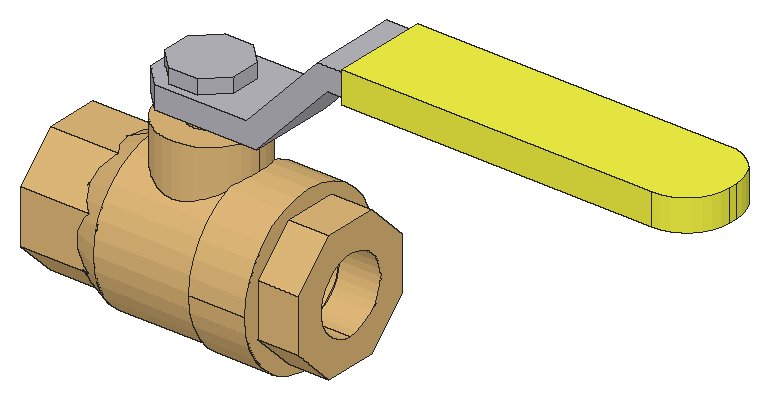
Revit family "420-Ball-Valve", category Pipe Accessories, Revit 2018
Family settings
  Round Connector Dimension = Use Diameter
  Part Type = Valve - Breaks Into
  OmniClass Number = 23.60.30.11.14
  OmniClass Title = Pipework Fittings
  Work Plane-Based = No
  Always vertical = Yes
  Cut with Voids When Loaded = No
  Shared = No
Parameters
  Weight [instance] = size_lookup(LookupTable, "Weight", "NA", Nominal Diameter)  # "0.3 lbs."
  URL = "http://www.fnw.com"
  Standards Lookup Table = "Standards"  # constant formula
  Product ID [instance] = size_lookup(LookupTable, "ProductID", "NA", Nominal Diameter)  # "989144"
  Pipe Diameter [instance] = size_lookup(Standards Lookup Table, "pipe_dia", 0", Nominal Diameter)  # 0.54"
  Part Number [instance] = size_lookup(LookupTable, "PartNumber", "NA", Nominal Diameter)  # "FNW420B"
  PIpe Radius [instance] = Pipe Diameter / 2  # 0.27"
  NPT Insert [instance] = size_lookup(Standards Lookup Table, "NPT_insert", 0", Nominal Diameter)  # 0.4018"
  Manufacturer = "FNW"  # constant formula
  Description BOM [instance] = size_lookup(LookupTable, "Description_BOM", "NA", Nominal Diameter)  # "Not For Potable Use 1/4 Brass 600# WOG Threaded 2PC"
  1_Z2 [instance] = size_lookup(LookupTable, "1_Z2", 0", Nominal Diameter)  # 0.1644"
  1_Z1 [instance] = size_lookup(LookupTable, "1_Z1", 0", Nominal Diameter)  # 0.5606"
  Z3 [instance] = size_lookup(LookupTable, "Z3", 0", Nominal Diameter)  # 13/128"
  Z2 [instance] = size_lookup(LookupTable, "Z2", 0", Nominal Diameter)  # 0.925"
  Z1 [instance] = size_lookup(LookupTable, "Z1", 0", Nominal Diameter)  # 0.8"
  1_Y1 [instance] = size_lookup(LookupTable, "1_Y1", 0", Nominal Diameter)  # 5/8"
  1_X4 [instance] = size_lookup(LookupTable, "1_X4", 0", Nominal Diameter)  # 5/16"
  1_X1 [instance] = size_lookup(LookupTable, "1_X1", 0", Nominal Diameter)  # 57/64"
  1_X3 [instance] = size_lookup(LookupTable, "1_X3", 0", Nominal Diameter)  # 3.78"
  X7 [instance] = size_lookup(LookupTable, "X7", 0", Nominal Diameter)  # 1.01"
  X5 [instance] = size_lookup(LookupTable, "X5", 0", Nominal Diameter)  # 0.30135"
  X4 [instance] = size_lookup(LookupTable, "X4", 0", Nominal Diameter)  # 0.404"
  X3 [instance] = size_lookup(LookupTable, "X3", 0", Nominal Diameter)  # 0.71085"
  X2 [instance] = size_lookup(LookupTable, "X2", 0", Nominal Diameter)  # 0.202"
  1_X2 [instance] = size_lookup(LookupTable, "1_X2", 0", Nominal Diameter)  # 57/128"
  X1 [instance] = size_lookup(LookupTable, "X1", 0", Nominal Diameter)  # 0.4018"
  Show Lever Clearance [instance] = no
  R3 [instance] = size_lookup(LookupTable, "R3", 0", Nominal Diameter)  # 0.58125"
  R2 [instance] = size_lookup(LookupTable, "R2", 0", Nominal Diameter)  # 0.558"
  R1_Diam [instance] = R1 * 2  # 0.93"
  R1 [instance] = size_lookup(LookupTable, "R1", 0", Nominal Diameter)  # 0.465"
  Nominal Radius [instance] = Nominal Diameter / 2  # 1/8"
  Nominal Diameter [instance] = 1/4"
  LookupTable = "420-Ball-Valve"  # constant formula
  HexAngle1 [instance] = 135.00°
  D3 [instance] = size_lookup(LookupTable, "D3", 0", Nominal Diameter)  # 1/2"
  D2 [instance] = size_lookup(LookupTable, "D2", 0", Nominal Diameter)  # 5/16"
  D1 [instance] = size_lookup(LookupTable, "D1", 0", Nominal Diameter)  # 0.7125"
Reference planes (in)
  plane 1 "Center (Front/Back)": y = 0
  plane 2: z = 0
  plane 3 "Center (Left/Right)": x = 0
  plane 4 "X7 End": x = -1.01
  plane 5 "D1 Top": z = 0.8
  plane 6 "D2 Top": z = 0.925
  plane 7: x = -0.6082
  plane 8: x = -0.4062
  plane 9: x = 0.30465
  plane 10 "Face EXT": x = 0.70865
  plane 11: x = 1.01
  plane 12 "R3 Top": z = 0.58125
  plane 13 "R2 Top": z = 0.558
  plane 14 "R1 Top": z = 0.465
  plane 15: x = 1.14
  plane 16 "Pipe radius": z = 0.27
  plane 17 "NPT": x = -0.6082
  plane 18 "NPT 2": x = 0.6082
Forms (in)
  Extrusion 1, solid, material "Brass"
    sketch origin (0, 0, 0) x (1, 0, 0) y (0, 1, 0)
      loop
        circle (0, 0) r 0.15625
    from 0.8 to 0.925
  Revolve 2, solid, material "Brass"
    sketch origin (0, 0, 0) x (1, 0, 0) y (0, 0, 1)
      loop
        line (-0.6082, 0.465) -> (-0.6082, 0.27) -> (0.30465, 0.27) -> (0.30465, 0.558) -> (-0.4062, 0.558) -> (-0.6082, 0.465)
      axis (0.30465, 0) -> (-0.6082, 0)
    angle from 0 to 360
  Sweep 3, solid, material "Brass"
    path origin (0, 0, 0) x (1, 0, 0) y (0, 0, 1)
      loop
        line (-1.01, 0) -> (1.01, 0)
    profile origin (0, 0, 0) x (0, 0, 1) y (0, -1, 0)
      loop
        circle (0, 0) r 0.27
      loop
        line (0.19261, 0.465) -> (-0.19261, 0.465) -> (-0.465, 0.19261) -> (-0.465, -0.19261) -> (-0.19261, -0.465) -> (0.19261, -0.465) -> (0.465, -0.19261) -> (0.465, 0.19261) -> (0.19261, 0.465)
  Extrusion 4, solid, material "Brass"
    sketch origin (0, 0, 0) x (0, 1, 0) y (0, 0, 1)
      loop
        circle (0, 0) r 0.58125
      loop
        circle (0, 0) r 0.27
    from 0.30465 to 0.70865
  Extrusion 5, solid, material "Brass"
    sketch origin (0, 0, 0.27) x (-1, 0, 0) y (0, -1, 0)
      loop
        circle (0, 0) r 0.35625
    from 0 to 0.53
  Extrusion 6, solid, material "Brass", not visible
    sketch origin (-0.6082, 0, 0) x (0, 0, 1) y (0, -1, 0)
      loop
        circle (0, 0) r 0.125
    from 0 to 1.2164
Dimensions and locks (in)
  "X7": plane 4 "X7 End" to plane 3 "Center (Left/Right)"
  "Z1": plane 5 "D1 Top" to plane 2
  "Z2": plane 6 "D2 Top" to plane 2
  "X1": plane 4 "X7 End" to plane 7
  "X2": plane 8 to plane 7
  "X3": plane 9 to plane 8
  "X4": plane 10 "Face EXT" to plane 9
  "X5": plane 11 to plane 10 "Face EXT"
  "R3": plane 12 "R3 Top" to plane 2
  "R2": plane 13 "R2 Top" to plane 2
  "R1": plane 14 "R1 Top" to plane 2
  "PIpe Radius": Revolve 2 sketch curve to plane 2
  equal spacing: Sweep 3 sketch curve, plane 1 "Center (Front/Back)", Sweep 3 sketch curve  (x4)
  "R1_Diam": Sweep 3 sketch curve to Sweep 3 sketch curve  (x4)
  Sweep 3 to Sweep 3 = 0.93"  (x5)
  "R1_Diam": Sweep 3 to Sweep 3  (x4)
  "PIpe Radius": plane 16 "Pipe radius" to plane 2
  "NPT Insert": plane 4 "X7 End" to plane 17 "NPT"
  "NPT Insert": plane 11 to plane 18 "NPT 2"
  "D2": diameter of Extrusion 1 sketch curve
  "R3": radius of Extrusion 4 sketch curve
  "PIpe Radius": radius of Extrusion 4 sketch curve
  "PIpe Radius": radius of Sweep 3 sketch curve
  radius of Sweep 3 sketch curve = 0.27"
  "D1": diameter of Extrusion 5 sketch curve
  "Nominal Radius": radius of Extrusion 6 sketch curve
  angle Sweep 3 sketch curve to Sweep 3 sketch curve = 135.00°  (x6)
  angle Sweep 3 to Sweep 3 = 135.00°  (x6)
  aligned and locked: plane 2 to level
  aligned and locked: Extrusion 1 to plane 5 "D1 Top"
  aligned and locked: plane 6 "D2 Top" to Extrusion 1
  aligned and locked: Revolve 2 sketch curve to plane 13 "R2 Top"
  aligned and locked: plane 7 to Revolve 2 sketch curve
  aligned and locked: Extrusion 4 to plane 9
  aligned and locked: plane 10 "Face EXT" to Extrusion 4
  aligned and locked: Sweep 3 sketch curve to level
  aligned and locked: plane 5 "D1 Top" to Extrusion 5
  aligned and locked: plane 18 "NPT 2" to Extrusion 6
Automatic sketch dimensions
  plane 4 "X7 End" to Sweep 3 sketch curve = 0"
  Sweep 3 sketch curve to plane 11 = 0"
  plane 1 "Center (Front/Back)" to Extrusion 1 sketch curve = 0"
  Extrusion 1 sketch curve to plane 3 "Center (Left/Right)" = 0"
  Revolve 2 sketch curve to level = 0"
  Revolve 2 sketch curve to plane 8 = 0"
  Revolve 2 sketch curve to plane 9 = 0"
  Revolve 2 sketch curve to plane 14 "R1 Top" = 0"
  plane 4 "X7 End" to Revolve 2 sketch curve = 1.81248"
  plane 15 to Revolve 2 sketch curve = 4.59422"
  Sweep 3 sketch curve to plane 1 "Center (Front/Back)" = 0"
  profile plane to Sweep 3 sketch curve = 0"
  Extrusion 4 sketch curve to Extrusion 4 sketch curve = 0"  (x2)
  Extrusion 4 sketch curve to level = 0"
  Extrusion 4 sketch curve to plane 1 "Center (Front/Back)" = 0"
  plane 1 "Center (Front/Back)" to Extrusion 5 sketch curve = 0"
  Extrusion 5 sketch curve to plane 3 "Center (Left/Right)" = 0"
  Extrusion 6 sketch curve to level = 0"
  Extrusion 6 sketch curve to plane 1 "Center (Front/Back)" = 0"
Nested families (in)
  nested 1: "Nested Lever Yellow" at (0, 0, 0.925), D3 <- "D3", 1_X1 <- "1_X1", 1_X2 <- "1_X2", 1_X3 <- "1_X3", 1_X4 <- "1_X4", 1_Y1 <- "1_Y1", 1_Z1 <- "1_Z1", 1_Z2 <- "1_Z2", Show Lever Clearance <- "Show Lever Clearance", Z3 <- "Z3", type "Nested Lever Yellow"
    with Z3 13/128", Void_Outer_Radius 3/8", Void_Outer 3/4", Show Lever Clearance no, Grip_L3 0.2269", Grip_L2 0.19565", Grip_L1 1/32", D3_Half 0.16667", D3 1/2", Clearance Hieght 6", Angle Hex Head 135.00°, 1_Z2 0.1644", 1_Z1 0.5606", 1_Y1_Half 5/16", 1_Y1 5/8", 1_X4 5/16", 1_X3_and_1__Y1_Half 4.0925", 1_X3 3.78", 1_X2 57/128", 1_X1 57/64"
Connectors (in)
  piping at (-0.6082, 0, 0), diameter 0.25, driven by "Nominal Diameter"
    settings: on Extrusion 6, index 1, connector inside diameter 24", connector length 0", flow factor 0, pipe flow 0 GPM, pressure drop 0.00 psi, fitting loss kfactor 0, connector angle 0.00°, fixture units 0, engagement length 0", angle of deflection 0.00°, flow configuration 0, flow direction 0, fitting loss method 0, system type 7, joint type 0, gender type 0, connector reference index 2, connector utility 0, adjustable connector no, is connector primary yes, connector description ""
  piping at (0.6082, 0, 0), diameter 0.25, driven by "Nominal Diameter"
    settings: on Extrusion 6, index 2, connector inside diameter 24", connector length 0", flow factor 0, pipe flow 0 GPM, pressure drop 0.00 psi, fitting loss kfactor 0, connector angle 0.00°, fixture units 0, engagement length 0", angle of deflection 0.00°, flow configuration 0, flow direction 0, fitting loss method 0, system type 7, joint type 0, gender type 0, connector reference index 1, connector utility 0, adjustable connector no, is connector primary no, connector description ""
Definition of nested family "Nested Lever Yellow"
  Parameters (values of type "Nested Lever Yellow")
    Z3 [instance] = 1/8"
    Angle 2 = 45.00°
    1_Z2 [instance] = 1/8"
    1_Z1 [instance] = 1 1/4"
    1_Y1_Half [instance] = [1_Y1] / 2  # 1"
    1_Y1 [instance] = 2"
    1_X1 [instance] = 2 1/2"
    1_X3_and_1__Y1_Half [instance] = [1_X3] + [1_Y1_Half]  # 13.66198"
    1_X3 [instance] = 12.66198"
    1_X2 [instance] = 1 1/2"
    Void_Outer_Radius [instance] = Void_Outer / 2  # 1 1/16"
    Void_Outer [instance] = [1_Y1] + Grip_L1 * 4  # 2 1/8"
    Show Lever Clearance [instance] = yes
    Grip_L3 [instance] = Grip_L1 + Grip_L2  # 3/16"
    Grip_L1 [instance] = 1/32"  # constant formula
    Grip_L2 [instance] = [1_Z2] + Grip_L1  # 5/32"
    Default Elevation = 48"
    D3_Half [instance] = D3 / 3  # 0.23251"
    D3 [instance] = 0.69752"
    Clearance Hieght [instance] = 6"  # constant formula
    Angle Hex Head [instance] = 135.00°
    1_X4 [instance] = 0"
  Reference planes (in)
    plane 1 "Center (Front/Back)": y = 0
    plane 2: z = 0
    plane 3 "Center (Left/Right)": x = 0
    plane 4: z = 0.125
    plane 5: x = -1
    plane 6: x = 12.66198
    plane 7: y = 1
    plane 8: y = -1
    plane 9: x = 1.5
    plane 10: x = 3
    plane 11: z = 1.375
    plane 12: z = 1.25
    plane 13: z = 0.25
    plane 14: z = 1.40625
    plane 15: z = 1.21875
    plane 16: x = 3.15625
    plane 17: y = 1.03125
    plane 18: y = -1.03125
  Forms (in)
    Extrusion 1, solid
      sketch origin (0, 0, 0) x (1, 0, 0) y (0, 1, 0)
        loop
          line (-48, 48) -> (-48, -48) -> (48, -48) -> (48, 48) -> (-48, 48)
      from 0 to -12
    Extrusion 2, solid
      sketch origin (0, 0, 0) x (1, 0, 0) y (0, 0, 1)
        loop
          line (1.30132, 0) -> (1.5, 0) -> (3.04425, 1.25) -> (4.15625, 1.25) -> (4.15625, 1.375) -> (3, 1.375) -> (1.30132, 0)
      from -1 to 1
    Extrusion 3, solid
      sketch origin (0, 0, 0) x (1, 0, 0) y (0, 1, 0)
        loop
          line (0.34876, 0.14446) -> (0.14446, 0.34876) -> (-0.14446, 0.34876) -> (-0.34876, 0.14446) -> (-0.34876, -0.14446) -> (-0.14446, -0.34876) -> (0.14446, -0.34876) -> (0.34876, -0.14446) -> (0.34876, 0.14446)
      from 0.125 to 0.25
    Extrusion 4, solid
      sketch origin (0, 0, 0) x (1, 0, 0) y (0, 1, 0)
        loop
          line (11.66198, 1.03125) -> (3.15625, 1.03125) -> (3.15625, -1.03125) -> (11.66198, -1.03125)
          arc (11.66198, -1.03125) -> (12.36908, -0.73836) -> (12.66198, -0.03125) r 1
          line (12.66198, -0.03125) -> (12.66198, 0.03125)
          arc (12.66198, 0.03125) -> (12.36908, 0.73836) -> (11.66198, 1.03125) r 1
      from 1.21875 to 1.40625
    Extrusion 5, solid, visible <- "Show Lever Clearance"
      sketch origin (0, 0, 0) x (1, 0, 0) y (0, 1, 0)
        loop
          line (-1, 1) -> (-1, -12.66198)
          arc (-1, -12.66198) -> (8.66048, -8.66048) -> (12.66198, 1) r 13.66198
          line (12.66198, 1) -> (-1, 1)
      from 0 to 6 <- "Clearance Hieght"
    Extrusion 6, solid
      sketch origin (0, 0, 0) x (1, 0, 0) y (0, 1, 0)
        loop
          line (1.5, -1) -> (1.5, 1) -> (-0.5, 1) -> (-1, 0.5) -> (-1, -0.5) -> (-0.5, -1) -> (1.5, -1)
      from 0 to 0.125
  Cuts and joins
    joined: Extrusion 2, Extrusion 6
  Lines and regions (in)
    reference lines
      curve 1: line (0, 0, 3.375) -> (0, 0, -1.625)
  Dimensions and locks (in)
    "1_Z2": plane 4 to plane 2
    "1_Y1_Half": plane 3 "Center (Left/Right)" to plane 5
    "1_X3": plane 6 to plane 3 "Center (Left/Right)"
    equal spacing: plane 7, plane 1 "Center (Front/Back)", plane 8
    "1_Y1": plane 7 to plane 8
    "1_X1": plane 9 to plane 5
    "1_X2": plane 10 to plane 9
    "1_Z1": plane 11 to plane 4
    "1_Z2": plane 11 to plane 12
    equal spacing: Extrusion 3 sketch curve, curve 1, Extrusion 3 sketch curve  (x4)
    "D3": Extrusion 3 sketch curve to Extrusion 3 sketch curve  (x4)
    "Z3": plane 13 to plane 4
    "Grip_L1": plane 14 to plane 11
    "Grip_L2": plane 11 to plane 15
    "Grip_L2": plane 16 to plane 10
    "Grip_L1": plane 8 to plane 18
    "Grip_L1": plane 17 to plane 7
    "1_Y1_Half": plane 16 to Extrusion 2
    "1_X3_and_1__Y1_Half": Extrusion 5 sketch curve to Extrusion 5 sketch curve  (x2)
    equal spacing: Extrusion 6 sketch curve, plane 1 "Center (Front/Back)", Extrusion 6 sketch curve
    "1_Y1_Half": Extrusion 6 sketch curve to Extrusion 6 sketch curve
    "1_Z2": Extrusion 2 sketch curve to Extrusion 2 sketch curve
    "1_Y1_Half": radius of Extrusion 4 sketch curve  (x2)
    "1_X3_and_1__Y1_Half": radius of Extrusion 5 sketch curve
    "Angle Hex Head": angle Extrusion 3 sketch curve to Extrusion 3 sketch curve  (x6)
    "Angle 2": angle plane 5 to Extrusion 6 sketch curve
    "Angle 2": angle Extrusion 6 sketch curve to plane 5
    aligned and locked: plane 2 to Extrusion 1
    aligned and locked: level to Extrusion 1
    aligned and locked: plane 10 to Extrusion 2 sketch curve
    aligned and locked: plane 12 to Extrusion 2 sketch curve
    aligned and locked: plane 11 to Extrusion 2 sketch curve
    aligned and locked: curve 1 to plane 3 "Center (Left/Right)"
    aligned and locked: plane 4 to Extrusion 3
    aligned and locked: Extrusion 3 to plane 13
    aligned and locked: Extrusion 4 sketch curve to plane 16
    aligned and locked: Extrusion 4 sketch curve to plane 18
    aligned and locked: plane 17 to Extrusion 4 sketch curve
    aligned and locked: Extrusion 4 to plane 15
    aligned and locked: Extrusion 4 to plane 14
    aligned and locked: Extrusion 2 to plane 8
    aligned and locked: plane 7 to Extrusion 2
    aligned and locked: plane 9 to Extrusion 6 sketch curve
    aligned and locked: Extrusion 6 sketch curve to plane 5
    aligned and locked: Extrusion 6 to plane 4
  Automatic sketch dimensions
    Extrusion 1 sketch curve to Extrusion 1 sketch curve = 96"  (x2)
    curve 1 to level = 1 5/8"
    curve 1 to plane 11 = 2"
    Extrusion 2 sketch curve to level = 0"
    Extrusion 2 sketch curve to plane 9 = 0"
    plane 16 to Extrusion 2 sketch curve = 1"
    Extrusion 4 sketch curve to plane 6 = 0"
    Extrusion 5 sketch curve to plane 5 = 0"
    Extrusion 5 sketch curve to plane 7 = 0"
    Extrusion 6 sketch curve to plane 8 = 0"
    Extrusion 6 sketch curve to plane 7 = 0"
